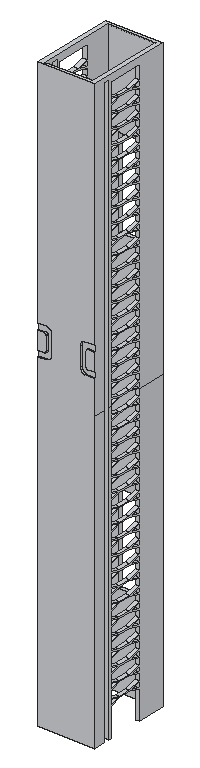
Revit family
Parameters
  Material ID = "760072918"
  Description = "Vertical Cable Management Kit, 8in X 96in (203mm X 2438mm) Single Sided, With Door, Silver\r\nVertical Cable Management Kit, 6in X 84in (152mm X 2134mm) Single Sided, With Door, Black\r\nVERTICAL CABLE MANAGEMENT KIT, 6IN X 84IN(152MM X 2134MM) SINGLE SIDED, WITH DOOR, BLACK"
Reference planes (in)
  plane 1 "Center (Front/Back)": y = 0
  plane 2: z = 0
  plane 3 "Center (Left/Right)": x = 0
Forms (in)
  Extrusion 1, void, not visible
    sketch origin (0, 0, 0) x (1, 0, 0) y (0, 0, 1)
      loop
        line (-7.85662, 0.48089) -> (-7.85662, -0.39002) -> (-7.67285, -0.39002) -> (-7.67285, -0.64002) -> (-7.0736, -0.64002) -> (-7.0736, -0.39002) -> (-6.92978, -0.39002) -> (-6.92978, 0.48089) -> (-7.85662, 0.48089)
    from -3.79215 to 12
  Extrusion 2, void, not visible
    sketch origin (0, 0, 0) x (1, 0, 0) y (0, 0, 1)
      loop
        line (-8.21397, 0.42583) -> (-8.21397, -0.07417) -> (-8.08657, -0.07417) -> (-8.08657, -0.27417) -> (-7.83657, -0.27417) -> (-7.83657, -0.07417) -> (-7.72497, -0.07417) -> (-7.72497, 0.42583) -> (-8.21397, 0.42583)
    from 0.74059 to 3.34334
  Extrusion 3, solid
    sketch origin (0, 0, 0) x (1, 0, 0) y (0, 0, 1)
      loop
        line (4, 42) -> (-4, 42) -> (-4, -42) -> (4, -42) -> (4, 0) -> (4, 42)
    from 11.281 to -0.669
  Extrusion 4, void
    sketch origin (0, 0, 0) x (1, 0, 0) y (0, 0, 1)
      loop
        line (-4, 9.00056) -> (-4, 8.06684) -> (-3.1, 8.06684)
        arc (-3.1, 8.06684) -> (-2.88787, 7.97898) -> (-2.8, 7.76684) r 0.3
        line (-2.8, 7.76684) -> (-2.8, 5.85056)
        arc (-2.8, 5.85056) -> (-2.88787, 5.63843) -> (-3.1, 5.55056) r 0.3
        line (-3.1, 5.55056) -> (-4, 5.55056) -> (-4, 4.75056) -> (-2.8, 4.75056)
        arc (-2.8, 4.75056) -> (-2.23431, 4.98488) -> (-2, 5.55056) r 0.8
        line (-2, 5.55056) -> (-2, 8.20056)
        arc (-2, 8.20056) -> (-2.23431, 8.76625) -> (-2.8, 9.00056) r 0.8
        line (-2.8, 9.00056) -> (-4, 9.00056)
      loop
        line (4, 9.00056) -> (2.8, 9.00056)
        arc (2.8, 9.00056) -> (2.23431, 8.76625) -> (2, 8.20056) r 0.8
        line (2, 8.20056) -> (2, 5.55056)
        arc (2, 5.55056) -> (2.23431, 4.98488) -> (2.8, 4.75056) r 0.8
        line (2.8, 4.75056) -> (4, 4.75056) -> (4, 5.55056) -> (3.1, 5.55056)
        arc (3.1, 5.55056) -> (2.88787, 5.63843) -> (2.8, 5.85056) r 0.3
        line (2.8, 5.85056) -> (2.8, 7.76684)
        arc (2.8, 7.76684) -> (2.88787, 7.97898) -> (3.1, 8.06684) r 0.3
        line (3.1, 8.06684) -> (4, 8.06684) -> (4, 9.00056)
    from 11.08569 to 11.281
  Extrusion 5, void
    sketch origin (0, 0, 0) x (1, 0, 0) y (0, 1, 0)
      loop
        line (3.45983, 0.18675) -> (-3.29017, 0.18675) -> (-3.29017, -10.9115) -> (3.45983, -10.9115) -> (3.45983, 0.18675)
    from -58.88014 to 54.97812
  Extrusion 6, void
    sketch origin (0, 0, 0) x (0, 1, 0) y (0, 0, 1)
      loop
        line (-3.37841, 39.06909) -> (-3.37841, 41.06909) -> (-8.50915, 41.06909) -> (-8.50915, 39.06909) -> (-6.81878, 38.61615) -> (-5.06878, 38.61615) -> (-3.37841, 39.06909)
      loop
        line (-3.37841, 38.06909) -> (-5.06878, 38.52202) -> (-6.81878, 38.52202) -> (-8.50915, 38.06909) -> (-8.50915, 37.81909) -> (-8.50915, 37.06909) -> (-6.81878, 36.61615) -> (-5.06878, 36.61615) -> (-3.37841, 37.06909) -> (-3.37841, 37.81909) -> (-3.37841, 38.06909)
      loop
        line (-3.37841, 39.00985) -> (-4.9864, 38.57899) -> (-3.37841, 38.14813) -> (-3.37841, 39.00985)
      loop
        line (-8.50915, 39.00985) -> (-8.50915, 38.14813) -> (-6.90115, 38.57899) -> (-8.50915, 39.00985)
      loop
        line (-3.37841, 36.06909) -> (-5.06878, 36.52202) -> (-6.81878, 36.52202) -> (-8.50915, 36.06909) -> (-8.50915, 35.06909) -> (-6.81878, 34.61615) -> (-5.06878, 34.61615) -> (-3.37841, 35.06909) -> (-3.37841, 36.06909)
      loop
        line (-3.37841, 37.00985) -> (-4.9864, 36.57899) -> (-3.37841, 36.14813) -> (-3.37841, 37.00985)
      loop
        line (-8.50915, 37.00985) -> (-8.50915, 36.14813) -> (-6.90115, 36.57899) -> (-8.50915, 37.00985)
      loop
        line (-3.37841, 34.06909) -> (-5.06878, 34.52202) -> (-6.81878, 34.52202) -> (-8.50915, 34.06909) -> (-8.50915, 33.06909) -> (-6.81878, 32.61615) -> (-5.06878, 32.61615) -> (-3.37841, 33.06909) -> (-3.37841, 34.06909)
      loop
        line (-3.37841, 35.00985) -> (-4.9864, 34.57899) -> (-3.37841, 34.14813) -> (-3.37841, 35.00985)
      loop
        line (-8.50915, 35.00985) -> (-8.50915, 34.14813) -> (-6.90115, 34.57899) -> (-8.50915, 35.00985)
      loop
        line (-3.37841, 32.06909) -> (-5.06878, 32.52202) -> (-6.81878, 32.52202) -> (-8.50915, 32.06909) -> (-8.50915, 31.06909) -> (-6.81878, 30.61615) -> (-5.06878, 30.61615) -> (-3.37841, 31.06909) -> (-3.37841, 32.06909)
      loop
        line (-3.37841, 33.00985) -> (-4.9864, 32.57899) -> (-3.37841, 32.14813) -> (-3.37841, 33.00985)
      loop
        line (-8.50915, 33.00985) -> (-8.50915, 32.14813) -> (-6.90115, 32.57899) -> (-8.50915, 33.00985)
      loop
        line (-3.37841, 30.06909) -> (-5.06878, 30.52202) -> (-6.81878, 30.52202) -> (-8.50915, 30.06909) -> (-8.50915, 29.06909) -> (-6.81878, 28.61615) -> (-5.06878, 28.61615) -> (-3.37841, 29.06909) -> (-3.37841, 30.06909)
      loop
        line (-3.37841, 31.00985) -> (-4.9864, 30.57899) -> (-3.37841, 30.14813) -> (-3.37841, 31.00985)
      loop
        line (-8.50915, 31.00985) -> (-8.50915, 30.14813) -> (-6.90115, 30.57899) -> (-8.50915, 31.00985)
      loop
        line (-3.37841, 28.06909) -> (-5.06878, 28.52202) -> (-6.81878, 28.52202) -> (-8.50915, 28.06909) -> (-8.50915, 27.06909) -> (-6.81878, 26.61615) -> (-5.06878, 26.61615) -> (-3.37841, 27.06909) -> (-3.37841, 28.06909)
      loop
        line (-3.37841, 29.00985) -> (-4.9864, 28.57899) -> (-3.37841, 28.14813) -> (-3.37841, 29.00985)
      loop
        line (-8.50915, 29.00985) -> (-8.50915, 28.14813) -> (-6.90115, 28.57899) -> (-8.50915, 29.00985)
      loop
        line (-3.37841, 26.06909) -> (-5.06878, 26.52202) -> (-6.81878, 26.52202) -> (-8.50915, 26.06909) -> (-8.50915, 25.06909) -> (-6.81878, 24.61615) -> (-5.06878, 24.61615) -> (-3.37841, 25.06909) -> (-3.37841, 26.06909)
      loop
        line (-3.37841, 27.00985) -> (-4.9864, 26.57899) -> (-3.37841, 26.14813) -> (-3.37841, 27.00985)
      loop
        line (-8.50915, 27.00985) -> (-8.50915, 26.14813) -> (-6.90115, 26.57899) -> (-8.50915, 27.00985)
      loop
        line (-3.37841, 24.06909) -> (-5.06878, 24.52202) -> (-6.81878, 24.52202) -> (-8.50915, 24.06909) -> (-8.50915, 23.06909) -> (-6.81878, 22.61615) -> (-5.06878, 22.61615) -> (-3.37841, 23.06909) -> (-3.37841, 24.06909)
      loop
        line (-3.37841, 25.00985) -> (-4.9864, 24.57899) -> (-3.37841, 24.14813) -> (-3.37841, 25.00985)
      loop
        line (-8.50915, 25.00985) -> (-8.50915, 24.14813) -> (-6.90115, 24.57899) -> (-8.50915, 25.00985)
      loop
        line (-3.37841, 22.06909) -> (-5.06878, 22.52202) -> (-6.81878, 22.52202) -> (-8.50915, 22.06909) -> (-8.50915, 21.06909) -> (-6.81878, 20.61615) -> (-5.06878, 20.61615) -> (-3.37841, 21.06909) -> (-3.37841, 22.06909)
      loop
        line (-3.37841, 23.00985) -> (-4.9864, 22.57899) -> (-3.37841, 22.14813) -> (-3.37841, 23.00985)
      loop
        line (-8.50915, 23.00985) -> (-8.50915, 22.14813) -> (-6.90115, 22.57899) -> (-8.50915, 23.00985)
      loop
        line (-3.37841, 20.06909) -> (-5.06878, 20.52202) -> (-6.81878, 20.52202) -> (-8.50915, 20.06909) -> (-8.50915, 19.06909) -> (-6.81878, 18.61615) -> (-5.06878, 18.61615) -> (-3.37841, 19.06909) -> (-3.37841, 20.06909)
      loop
        line (-3.37841, 21.00985) -> (-4.9864, 20.57899) -> (-3.37841, 20.14813) -> (-3.37841, 21.00985)
      loop
        line (-8.50915, 21.00985) -> (-8.50915, 20.14813) -> (-6.90115, 20.57899) -> (-8.50915, 21.00985)
      loop
        line (-3.37841, 18.06909) -> (-5.06878, 18.52202) -> (-6.81878, 18.52202) -> (-8.50915, 18.06909) -> (-8.50915, 17.06909) -> (-6.81878, 16.61615) -> (-5.06878, 16.61615) -> (-3.37841, 17.06909) -> (-3.37841, 18.06909)
      loop
        line (-3.37841, 19.00985) -> (-4.9864, 18.57899) -> (-3.37841, 18.14813) -> (-3.37841, 19.00985)
      loop
        line (-8.50915, 19.00985) -> (-8.50915, 18.14813) -> (-6.90115, 18.57899) -> (-8.50915, 19.00985)
      loop
        line (-3.37841, 16.06909) -> (-5.06878, 16.52202) -> (-6.81878, 16.52202) -> (-8.50915, 16.06909) -> (-8.50915, 15.06909) -> (-6.81878, 14.61615) -> (-5.06878, 14.61615) -> (-3.37841, 15.06909) -> (-3.37841, 16.06909)
      loop
        line (-3.37841, 17.00985) -> (-4.9864, 16.57899) -> (-3.37841, 16.14813) -> (-3.37841, 17.00985)
      loop
        line (-8.50915, 17.00985) -> (-8.50915, 16.14813) -> (-6.90115, 16.57899) -> (-8.50915, 17.00985)
      loop
        line (-3.37841, 14.06909) -> (-5.06878, 14.52202) -> (-6.81878, 14.52202) -> (-8.50915, 14.06909) -> (-8.50915, 13.06909) -> (-6.81878, 12.61615) -> (-5.06878, 12.61615) -> (-3.37841, 13.06909) -> (-3.37841, 14.06909)
      loop
        line (-3.37841, 15.00985) -> (-4.9864, 14.57899) -> (-3.37841, 14.14813) -> (-3.37841, 15.00985)
      loop
        line (-8.50915, 15.00985) -> (-8.50915, 14.14813) -> (-6.90115, 14.57899) -> (-8.50915, 15.00985)
      loop
        line (-3.37841, 12.06909) -> (-5.06878, 12.52202) -> (-6.81878, 12.52202) -> (-8.50915, 12.06909) -> (-8.50915, 11.06909) -> (-6.81878, 10.61615) -> (-5.06878, 10.61615) -> (-3.37841, 11.06909) -> (-3.37841, 12.06909)
      loop
        line (-3.37841, 13.00985) -> (-4.9864, 12.57899) -> (-3.37841, 12.14813) -> (-3.37841, 13.00985)
      loop
        line (-8.50915, 13.00985) -> (-8.50915, 12.14813) -> (-6.90115, 12.57899) -> (-8.50915, 13.00985)
      loop
        line (-3.37841, 10.06909) -> (-5.06878, 10.52202) -> (-6.81878, 10.52202) -> (-8.50915, 10.06909) -> (-8.50915, 9.06909) -> (-6.81878, 8.61615) -> (-5.06878, 8.61615) -> (-3.37841, 9.06909) -> (-3.37841, 10.06909)
      loop
        line (-3.37841, 11.00985) -> (-4.9864, 10.57899) -> (-3.37841, 10.14813) -> (-3.37841, 11.00985)
      loop
        line (-8.50915, 11.00985) -> (-8.50915, 10.14813) -> (-6.90115, 10.57899) -> (-8.50915, 11.00985)
      loop
        line (-3.37841, 8.06909) -> (-5.06878, 8.52202) -> (-6.81878, 8.52202) -> (-8.50915, 8.06909) -> (-8.50915, 7.06909) -> (-6.81878, 6.61615) -> (-5.06878, 6.61615) -> (-3.37841, 7.06909) -> (-3.37841, 8.06909)
      loop
        line (-3.37841, 9.00985) -> (-4.9864, 8.57899) -> (-3.37841, 8.14813) -> (-3.37841, 9.00985)
      loop
        line (-8.50915, 9.00985) -> (-8.50915, 8.14813) -> (-6.90115, 8.57899) -> (-8.50915, 9.00985)
      loop
        line (-3.37841, 6.06909) -> (-5.06878, 6.52202) -> (-6.81878, 6.52202) -> (-8.50915, 6.06909) -> (-8.50915, 5.06909) -> (-6.81878, 4.61615) -> (-5.06878, 4.61615) -> (-3.37841, 5.06909) -> (-3.37841, 6.06909)
      loop
        line (-3.37841, 7.00985) -> (-4.9864, 6.57899) -> (-3.37841, 6.14813) -> (-3.37841, 7.00985)
      loop
        line (-8.50915, 7.00985) -> (-8.50915, 6.14813) -> (-6.90115, 6.57899) -> (-8.50915, 7.00985)
      loop
        line (-3.37841, 4.06909) -> (-5.06878, 4.52202) -> (-6.81878, 4.52202) -> (-8.50915, 4.06909) -> (-8.50915, 3.06909) -> (-6.81878, 2.61615) -> (-5.06878, 2.61615) -> (-3.37841, 3.06909) -> (-3.37841, 4.06909)
      loop
        line (-3.37841, 5.00985) -> (-4.9864, 4.57899) -> (-3.37841, 4.14813) -> (-3.37841, 5.00985)
      loop
        line (-8.50915, 5.00985) -> (-8.50915, 4.14813) -> (-6.90115, 4.57899) -> (-8.50915, 5.00985)
      loop
        line (-3.37841, 2.06909) -> (-5.06878, 2.52202) -> (-6.81878, 2.52202) -> (-8.50915, 2.06909) -> (-8.50915, 1.06909) -> (-6.81878, 0.61615) -> (-5.06878, 0.61615) -> (-3.37841, 1.06909) -> (-3.37841, 2.06909)
      loop
        line (-3.37841, 3.00985) -> (-4.9864, 2.57899) -> (-3.37841, 2.14813) -> (-3.37841, 3.00985)
      loop
        line (-8.50915, 3.00985) -> (-8.50915, 2.14813) -> (-6.90115, 2.57899) -> (-8.50915, 3.00985)
      loop
        line (-3.37841, 0.06909) -> (-5.06878, 0.52202) -> (-6.81878, 0.52202) -> (-8.50915, 0.06909) -> (-8.50915, -0.93091) -> (-6.81878, -1.38385) -> (-5.06878, -1.38385) -> (-3.37841, -0.93091) -> (-3.37841, 0.06909)
      loop
        line (-3.37841, 1.00985) -> (-4.9864, 0.57899) -> (-3.37841, 0.14813) -> (-3.37841, 1.00985)
      loop
        line (-8.50915, 1.00985) -> (-8.50915, 0.14813) -> (-6.90115, 0.57899) -> (-8.50915, 1.00985)
      loop
        line (-3.37841, -1.93091) -> (-5.06878, -1.47798) -> (-6.81878, -1.47798) -> (-8.50915, -1.93091) -> (-8.50915, -2.93091) -> (-6.81878, -3.38385) -> (-5.06878, -3.38385) -> (-3.37841, -2.93091) -> (-3.37841, -1.93091)
      loop
        line (-3.37841, -0.99015) -> (-4.9864, -1.42101) -> (-3.37841, -1.85187) -> (-3.37841, -0.99015)
      loop
        line (-8.50915, -0.99015) -> (-8.50915, -1.85187) -> (-6.90115, -1.42101) -> (-8.50915, -0.99015)
      loop
        line (-3.37841, -3.93091) -> (-5.06878, -3.47798) -> (-6.81878, -3.47798) -> (-8.50915, -3.93091) -> (-8.50915, -4.93091) -> (-6.81878, -5.38385) -> (-5.06878, -5.38385) -> (-3.37841, -4.93091) -> (-3.37841, -3.93091)
      loop
        line (-3.37841, -2.99015) -> (-4.9864, -3.42101) -> (-3.37841, -3.85187) -> (-3.37841, -2.99015)
      loop
        line (-8.50915, -2.99015) -> (-8.50915, -3.85187) -> (-6.90115, -3.42101) -> (-8.50915, -2.99015)
      loop
        line (-3.37841, -5.93091) -> (-5.06878, -5.47798) -> (-6.81878, -5.47798) -> (-8.50915, -5.93091) -> (-8.50915, -6.93091) -> (-6.81878, -7.38385) -> (-5.06878, -7.38385) -> (-3.37841, -6.93091) -> (-3.37841, -5.93091)
      loop
        line (-3.37841, -4.99015) -> (-4.9864, -5.42101) -> (-3.37841, -5.85187) -> (-3.37841, -4.99015)
      loop
        line (-8.50915, -4.99015) -> (-8.50915, -5.85187) -> (-6.90115, -5.42101) -> (-8.50915, -4.99015)
      loop
        line (-3.37841, -7.93091) -> (-5.06878, -7.47798) -> (-6.81878, -7.47798) -> (-8.50915, -7.93091) -> (-8.50915, -8.93091) -> (-6.81878, -9.38385) -> (-5.06878, -9.38385) -> (-3.37841, -8.93091) -> (-3.37841, -7.93091)
      loop
        line (-3.37841, -6.99015) -> (-4.9864, -7.42101) -> (-3.37841, -7.85187) -> (-3.37841, -6.99015)
      loop
        line (-8.50915, -6.99015) -> (-8.50915, -7.85187) -> (-6.90115, -7.42101) -> (-8.50915, -6.99015)
      loop
        line (-3.37841, -9.93091) -> (-5.06878, -9.47798) -> (-6.81878, -9.47798) -> (-8.50915, -9.93091) -> (-8.50915, -10.93091) -> (-6.81878, -11.38385) -> (-5.06878, -11.38385) -> (-3.37841, -10.93091) -> (-3.37841, -9.93091)
      loop
        line (-3.37841, -8.99015) -> (-4.9864, -9.42101) -> (-3.37841, -9.85187) -> (-3.37841, -8.99015)
      loop
        line (-8.50915, -8.99015) -> (-8.50915, -9.85187) -> (-6.90115, -9.42101) -> (-8.50915, -8.99015)
      loop
        line (-3.37841, -11.93091) -> (-5.06878, -11.47798) -> (-6.81878, -11.47798) -> (-8.50915, -11.93091) -> (-8.50915, -12.93091) -> (-6.81878, -13.38385) -> (-5.06878, -13.38385) -> (-3.37841, -12.93091) -> (-3.37841, -11.93091)
      loop
        line (-3.37841, -10.99015) -> (-4.9864, -11.42101) -> (-3.37841, -11.85187) -> (-3.37841, -10.99015)
      loop
        line (-8.50915, -10.99015) -> (-8.50915, -11.85187) -> (-6.90115, -11.42101) -> (-8.50915, -10.99015)
      loop
        line (-3.37841, -13.93091) -> (-5.06878, -13.47798) -> (-6.81878, -13.47798) -> (-8.50915, -13.93091) -> (-8.50915, -14.93091) -> (-6.81878, -15.38385) -> (-5.06878, -15.38385) -> (-3.37841, -14.93091) -> (-3.37841, -13.93091)
      loop
        line (-3.37841, -12.99015) -> (-4.9864, -13.42101) -> (-3.37841, -13.85187) -> (-3.37841, -12.99015)
      loop
        line (-8.50915, -12.99015) -> (-8.50915, -13.85187) -> (-6.90115, -13.42101) -> (-8.50915, -12.99015)
      loop
        line (-3.37841, -15.93091) -> (-5.06878, -15.47798) -> (-6.81878, -15.47798) -> (-8.50915, -15.93091) -> (-8.50915, -16.93091) -> (-6.81878, -17.38385) -> (-5.06878, -17.38385) -> (-3.37841, -16.93091) -> (-3.37841, -15.93091)
      loop
        line (-3.37841, -14.99015) -> (-4.9864, -15.42101) -> (-3.37841, -15.85187) -> (-3.37841, -14.99015)
      loop
        line (-8.50915, -14.99015) -> (-8.50915, -15.85187) -> (-6.90115, -15.42101) -> (-8.50915, -14.99015)
      loop
        line (-3.37841, -17.93091) -> (-5.06878, -17.47798) -> (-6.81878, -17.47798) -> (-8.50915, -17.93091) -> (-8.50915, -18.93091) -> (-6.81878, -19.38385) -> (-5.06878, -19.38385) -> (-3.37841, -18.93091) -> (-3.37841, -17.93091)
      loop
        line (-3.37841, -16.99015) -> (-4.9864, -17.42101) -> (-3.37841, -17.85187) -> (-3.37841, -16.99015)
      loop
        line (-8.50915, -16.99015) -> (-8.50915, -17.85187) -> (-6.90115, -17.42101) -> (-8.50915, -16.99015)
      loop
        line (-3.37841, -19.93091) -> (-5.06878, -19.47798) -> (-6.81878, -19.47798) -> (-8.50915, -19.93091) -> (-8.50915, -20.93091) -> (-6.81878, -21.38385) -> (-5.06878, -21.38385) -> (-3.37841, -20.93091) -> (-3.37841, -19.93091)
      loop
        line (-3.37841, -18.99015) -> (-4.9864, -19.42101) -> (-3.37841, -19.85187) -> (-3.37841, -18.99015)
      loop
        line (-8.50915, -18.99015) -> (-8.50915, -19.85187) -> (-6.90115, -19.42101) -> (-8.50915, -18.99015)
      loop
        line (-3.37841, -21.93091) -> (-5.06878, -21.47798) -> (-6.81878, -21.47798) -> (-8.50915, -21.93091) -> (-8.50915, -22.93091) -> (-6.81878, -23.38385) -> (-5.06878, -23.38385) -> (-3.37841, -22.93091) -> (-3.37841, -21.93091)
      loop
        line (-3.37841, -20.99015) -> (-4.9864, -21.42101) -> (-3.37841, -21.85187) -> (-3.37841, -20.99015)
      loop
        line (-8.50915, -20.99015) -> (-8.50915, -21.85187) -> (-6.90115, -21.42101) -> (-8.50915, -20.99015)
      loop
        line (-3.37841, -23.93091) -> (-5.06878, -23.47798) -> (-6.81878, -23.47798) -> (-8.50915, -23.93091) -> (-8.50915, -24.93091) -> (-6.81878, -25.38385) -> (-5.06878, -25.38385) -> (-3.37841, -24.93091) -> (-3.37841, -23.93091)
      loop
        line (-3.37841, -22.99015) -> (-4.9864, -23.42101) -> (-3.37841, -23.85187) -> (-3.37841, -22.99015)
      loop
        line (-8.50915, -22.99015) -> (-8.50915, -23.85187) -> (-6.90115, -23.42101) -> (-8.50915, -22.99015)
      loop
        line (-3.37841, -25.93091) -> (-5.06878, -25.47798) -> (-6.81878, -25.47798) -> (-8.50915, -25.93091) -> (-8.50915, -26.93091) -> (-6.81878, -27.38385) -> (-5.06878, -27.38385) -> (-3.37841, -26.93091) -> (-3.37841, -25.93091)
      loop
        line (-3.37841, -24.99015) -> (-4.9864, -25.42101) -> (-3.37841, -25.85187) -> (-3.37841, -24.99015)
      loop
        line (-8.50915, -24.99015) -> (-8.50915, -25.85187) -> (-6.90115, -25.42101) -> (-8.50915, -24.99015)
      loop
        line (-3.37841, -27.93091) -> (-5.06878, -27.47798) -> (-6.81878, -27.47798) -> (-8.50915, -27.93091) -> (-8.50915, -28.93091) -> (-6.81878, -29.38385) -> (-5.06878, -29.38385) -> (-3.37841, -28.93091) -> (-3.37841, -27.93091)
      loop
        line (-3.37841, -26.99015) -> (-4.9864, -27.42101) -> (-3.37841, -27.85187) -> (-3.37841, -26.99015)
      loop
        line (-8.50915, -26.99015) -> (-8.50915, -27.85187) -> (-6.90115, -27.42101) -> (-8.50915, -26.99015)
      loop
        line (-3.37841, -29.93091) -> (-5.06878, -29.47798) -> (-6.81878, -29.47798) -> (-8.50915, -29.93091) -> (-8.50915, -30.93091) -> (-6.81878, -31.38385) -> (-5.06878, -31.38385) -> (-3.37841, -30.93091) -> (-3.37841, -29.93091)
      loop
        line (-3.37841, -28.99015) -> (-4.9864, -29.42101) -> (-3.37841, -29.85187) -> (-3.37841, -28.99015)
      loop
        line (-8.50915, -28.99015) -> (-8.50915, -29.85187) -> (-6.90115, -29.42101) -> (-8.50915, -28.99015)
      loop
        line (-3.37841, -31.93091) -> (-5.06878, -31.47798) -> (-6.81878, -31.47798) -> (-8.50915, -31.93091) -> (-8.50915, -32.93091) -> (-6.81878, -33.38385) -> (-5.06878, -33.38385) -> (-3.37841, -32.93091) -> (-3.37841, -31.93091)
      loop
        line (-3.37841, -30.99015) -> (-4.9864, -31.42101) -> (-3.37841, -31.85187) -> (-3.37841, -30.99015)
      loop
        line (-8.50915, -30.99015) -> (-8.50915, -31.85187) -> (-6.90115, -31.42101) -> (-8.50915, -30.99015)
      loop
        line (-3.37841, -33.93091) -> (-5.06878, -33.47798) -> (-6.81878, -33.47798) -> (-8.50915, -33.93091) -> (-8.50915, -34.93091) -> (-6.81878, -35.38385) -> (-5.06878, -35.38385) -> (-3.37841, -34.93091) -> (-3.37841, -33.93091)
      loop
        line (-3.37841, -32.99015) -> (-4.9864, -33.42101) -> (-3.37841, -33.85187) -> (-3.37841, -32.99015)
      loop
        line (-8.50915, -32.99015) -> (-8.50915, -33.85187) -> (-6.90115, -33.42101) -> (-8.50915, -32.99015)
      loop
        line (-3.37841, -35.93091) -> (-5.06878, -35.47798) -> (-6.81878, -35.47798) -> (-8.50915, -35.93091) -> (-8.50915, -36.93091) -> (-6.81878, -37.38385) -> (-5.06878, -37.38385) -> (-3.37841, -36.93091) -> (-3.37841, -35.93091)
      loop
        line (-3.37841, -34.99015) -> (-4.9864, -35.42101) -> (-3.37841, -35.85187) -> (-3.37841, -34.99015)
      loop
        line (-8.50915, -34.99015) -> (-8.50915, -35.85187) -> (-6.90115, -35.42101) -> (-8.50915, -34.99015)
      loop
        line (-3.37841, -37.93091) -> (-5.06878, -37.47798) -> (-6.81878, -37.47798) -> (-8.50915, -37.93091) -> (-8.50915, -42) -> (-3.37841, -42) -> (-3.37841, -37.93091)
      loop
        line (-3.37841, -36.99015) -> (-4.9864, -37.42101) -> (-3.37841, -37.85187) -> (-3.37841, -36.99015)
      loop
        line (-8.50915, -36.99015) -> (-8.50915, -37.85187) -> (-6.90115, -37.42101) -> (-8.50915, -36.99015)
    from -16.16264 to 12
  Extrusion 7, void
    sketch origin (0, 0, 0) x (0, 1, 0) y (0, 0, 1)
      loop
        line (-9.74802, 41.47806) -> (-9.74802, -42) -> (-8.75915, -42) -> (-8.75915, 41.47806) -> (-9.74802, 41.47806)
    from -16.48531 to 12
  Extrusion 8, void
    sketch origin (0, 0, 0) x (1, 0, 0) y (0, 0, 1)
      loop
        line (1.49935, 28.88043) -> (-1.75065, 28.88043) -> (-1.75065, 16.13043) -> (1.49935, 16.13043) -> (1.49935, 28.88043)
      loop
        line (1.49935, -28.88043) -> (1.49935, -16.13043) -> (-1.75065, -16.13043) -> (-1.75065, -28.88043) -> (1.49935, -28.88043)
    from -9.86946 to 1.00595
Cuts and joins
  Extrusion 4, Extrusion 5, Extrusion 6, Extrusion 7, Extrusion 8 cuts Extrusion 3
